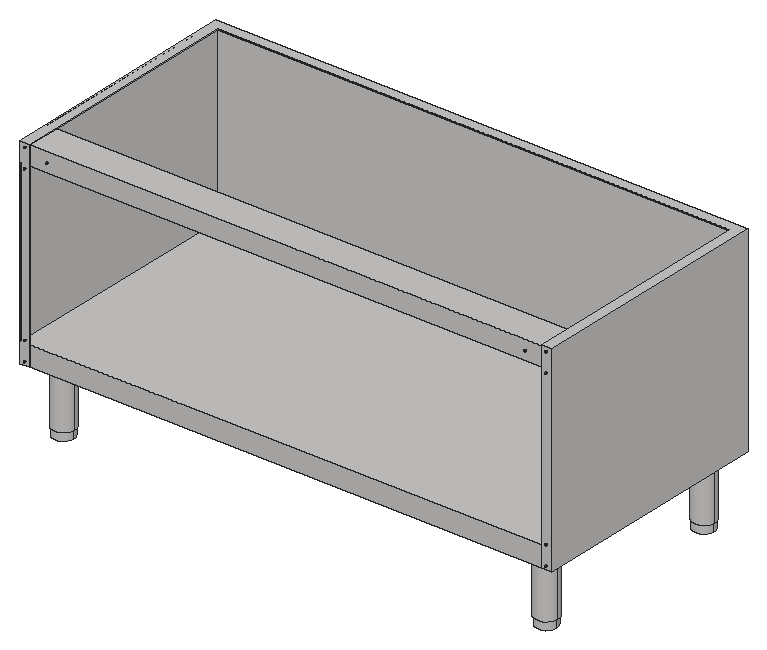
Revit family "QF_ZANUSSI_371114_E7BANL00O0", category Specialty Equipment, Revit 2018
Family settings
  Round Connector Dimension = Use Diameter
  Part Type = Normal
  Work Plane-Based = No
  Always vertical = Yes
  Cut with Voids When Loaded = No
  Shared = No
  Room Calculation Point = No
Parameters
  Width = 1199.00 mm  # constant formula
  Weight in Pounds = 0
  URL Cutsheet = "www.electrolux.com"
  URL = "www.electrolux.com"
  Type Mark [instance] = ""
  Status [instance] = ""
  Specification by User [instance] = ""
  Specification by Manufacturer = ""
  Serial Number = ""
  Seismic Rating = ""
  SMACNA No = ""
  Revision Code [instance] = ""
  Omniclass Number and Title = ""
  NAFEM Spec ID Number = ""
  Model = "371114"
  Masterspec = ""
  Manufacturer = "ELECTROLUX"
  Item Number [instance] = ""
  Installed By [instance] = ""
  Identify Quantity as Lot [instance] = yes
  Height = 599.00 mm  # constant formula
  Furnished By [instance] = ""
  Foodservice Equipment Identifier [instance] = yes
  Direct Waste Size = 0"
  Description = "700XP Open Base Cupboard 1- 1_2 Module"
  Depth = 554.00 mm  # constant formula
  CSI MasterFormat = ""
  CSI Master Format = ""
Reference planes
  plane 1 "BACK": y = 0
  plane 2: z = 0
  plane 3 "LEFT": x = 0
  plane 4 "RIGHT": x = 1199
  plane 5 "FRONT": y = -554
  plane 6 "TOP": z = 599
  plane 7 "Center Y": x = 599.5
  plane 8 "Center X": y = -277
  plane 9 "Base Height": z = 149
Forms (mm)
  Extrusion 1, solid, material "QF_Finishes_Stainless Steel"
    sketch origin (0, 0, 149) x (-1, 0, 0) y (0, -1, 0)
      loop
        line (0, 0) -> (0, 554) -> (-22, 554) -> (-22, 22) -> (-1177, 22) -> (-1177, 554) -> (-1199, 554) -> (-1199, 0) -> (0, 0)
    from 448.412 to 450
  Extrusion 2, solid, material "QF_Finishes_Stainless Steel"
    sketch origin (0, -554, 0) x (1, 0, 0) y (0, 0, 1)
      loop
        line (0, 597.413) -> (0, 149) -> (22, 149) -> (22, 597.413) -> (0, 597.413)
      loop
        line (1199, 149) -> (1199, 597.413) -> (1177, 597.413) -> (1177, 149) -> (1199, 149)
    from 0 to -1.59
  Extrusion 3, solid, material "QF_Finishes_Stainless Steel"
    sketch origin (0, 0, 0) x (0, 1, 0) y (0, 0, 1)
      loop
        line (-552.41, 597.413) -> (-552.41, 149) -> (0, 149) -> (0, 597.413) -> (-552.41, 597.413)
    from 0 to 1.59
  Extrusion 4, solid, material "QF_Finishes_Stainless Steel"
    sketch origin (1199, 0, 0) x (0, 1, 0) y (0, 0, 1)
      loop
        line (-552.41, 597.413) -> (-552.41, 149) -> (0, 149) -> (0, 597.413) -> (-552.41, 597.413)
    from 0 to -1.59
  Extrusion 5, solid, material "QF_Finishes_Stainless Steel"
    sketch origin (0, 0, 0) x (1, 0, 0) y (0, 0, 1)
      loop
        line (0, 597.413) -> (0, 149) -> (1199, 149) -> (1199, 597.413) -> (0, 597.413)
    from 0 to 1.59
  Extrusion 6, solid, material "QF_Finishes_Stainless Steel"
    sketch origin (0, 0, 149) x (-1, 0, 0) y (0, -1, 0)
      loop
        line (-1.59, 1.59) -> (-1.59, 552.41) -> (-1197.41, 552.41) -> (-1197.41, 1.59) -> (-1.59, 1.59)
      loop
        circle (-1152.751, 403.685) r 12.7
    from 0 to 45
  Extrusion 7, solid, material "QF_Finishes_Stainless Steel"
    sketch origin (0, 0, 0) x (0, 1, 0) y (0, 0, 1)
      loop
        line (-552.41, 597.413) -> (-552.41, 554.237) -> (-550.82, 554.237) -> (-550.82, 595.823) -> (-477.41, 595.823) -> (-477.41, 597.413) -> (-552.41, 597.413)
    from 1.59 to 1197.41
  Extrusion 8, solid, material "QF_Finishes_Stainless Steel"
    sketch origin (0, 0, 149) x (-1, 0, 0) y (0, -1, 0)
      loop
        circle (-1152.751, 403.685) r 12.7
    from -1.075 to 43.642
  Extrusion 9, solid, material "QF_Finishes_Black"
    sketch origin (399, -554, 149) x (-1, 0, 0) y (0, 0, -1)
      loop
        circle (387.615, -441.126) r 1.5
      loop
        circle (387.615, -397.951) r 1.5
      loop
        circle (387.615, -51.126) r 1.5
      loop
        circle (387.615, -7.951) r 1.5
      loop
        circle (-788.615, -441.126) r 1.5
      loop
        circle (-788.615, -397.951) r 1.5
      loop
        circle (-788.615, -51.126) r 1.5
      loop
        circle (-788.615, -7.951) r 1.5
    from 0 to 1.59
  Extrusion 10, solid, material "QF_Finishes_Black"
    sketch origin (0, -552.41, 592.413) x (0, 0, 1) y (-1, 0, 0)
      loop
        circle (-17.884, -59.72) r 1.5
      loop
        circle (-17.884, -1139.28) r 1.5
    from 0 to 1.59
  Revolve 11, solid, material "QF_Finishes_Stainless Steel"
    sketch origin (0, -499, 0) x (1, 0, 0) y (0, 0, 1)
      loop
        line (55, 0) -> (55, 149) -> (29.6, 149) -> (29.6, 19.05) -> (32.1, 19.05) -> (32.1, 0) -> (55, 0)
      axis (55, 0) -> (55, 149)
    angle from 0 to 360
  Revolve 12, solid, material "QF_Finishes_Stainless Steel"
    sketch origin (399, -499, 0) x (-1, 0, 0) y (0, 0, -1)
      loop
        line (-745, 0) -> (-767.9, 0) -> (-767.9, -19.05) -> (-770.4, -19.05) -> (-770.4, -149) -> (-745, -149) -> (-745, 0)
      axis (-745, 0) -> (-745, -149)
    angle from 0 to 360
  Revolve 13, solid, material "QF_Finishes_Stainless Steel"
    sketch origin (0, -55, 0) x (1, 0, 0) y (0, 0, -1)
      loop
        line (55, 0) -> (32.1, 0) -> (32.1, -19.05) -> (29.6, -19.05) -> (29.6, -149) -> (55, -149) -> (55, 0)
      axis (55, 0) -> (55, -149)
    angle from 0 to 360
  Revolve 14, solid, material "QF_Finishes_Stainless Steel"
    sketch origin (399, -55, 0) x (-1, 0, 0) y (0, 0, 1)
      loop
        line (-745, 0) -> (-745, 149) -> (-770.4, 149) -> (-770.4, 19.05) -> (-767.9, 19.05) -> (-767.9, 0) -> (-745, 0)
      axis (-745, 0) -> (-745, 149)
    angle from 0 to 360
Cuts and joins
  joined: Extrusion 1, Extrusion 2, Extrusion 3, Extrusion 4, Extrusion 5, Extrusion 6, Extrusion 7, Extrusion 8
Lines and regions (mm)
  symbolic lines, style "QF-Undercounter Details"
    curve 1: line (0, 0, 149) -> (1199, 0, 149)
    curve 2: line (0, -554, 149) -> (0, 0, 149)
    curve 3: line (1199, -554, 149) -> (0, -554, 149)
    curve 4: line (1199, 0, 149) -> (1199, -554, 149)
    curve 5: line (22, -477.41, 149) -> (1177, -477.41, 149)
    curve 6: line (1177, -554, 149) -> (1177, -22, 149)
    curve 7: line (1177, -22, 149) -> (22, -22, 149)
    curve 8: line (22, -22, 149) -> (22, -554, 149)
    curve 9: line (22, -22, 149) -> (0, 0, 149)
    curve 10: line (1177, -22, 149) -> (1199, 0, 149)
    curve 11: arc (1140.051, -403.685, 149) -> (1152.751, -390.985, 149) -> (1165.451, -403.685, 149) r 12.7
    curve 12: arc (1165.451, -403.685, 149) -> (1152.751, -416.385, 149) -> (1140.051, -403.685, 149) r 12.7
Dimensions and locks
  equal spacing: plane 3 "LEFT", plane 7 "Center Y", plane 4 "RIGHT"
  "Width": plane 3 "LEFT" to plane 4 "RIGHT"
  equal spacing: plane 5 "FRONT", plane 8 "Center X", plane 1 "BACK"
  "Depth": plane 5 "FRONT" to plane 1 "BACK"
  "Height": plane 6 "TOP" to level
  locked: plane 9 "Base Height" to level at 149
  aligned and locked: level to plane 2
  aligned and locked: Revolve 11 to plane 9 "Base Height"
  aligned and locked: plane 9 "Base Height" to Revolve 12
Automatic sketch dimensions
  plane 1 "BACK" to Extrusion 1 sketch curve = 0.00 mm
  Extrusion 1 sketch curve to plane 4 "RIGHT" = 0.00 mm
  plane 5 "FRONT" to Extrusion 1 sketch curve = 0.00 mm  (x2)
  Extrusion 1 sketch curve to plane 3 "LEFT" = 0.00 mm
  Extrusion 1 sketch curve to Extrusion 1 sketch curve = 22.00 mm
  plane 3 "LEFT" to Extrusion 1 sketch curve = 22.00 mm
  plane 1 "BACK" to Extrusion 1 sketch curve = 22.00 mm
  Extrusion 2 sketch curve to plane 3 "LEFT" = 0.00 mm
  Extrusion 2 sketch curve to plane 9 "Base Height" = 0.00 mm  (x2)
  Extrusion 2 sketch curve to plane 4 "RIGHT" = 0.00 mm
  plane 3 "LEFT" to Extrusion 2 sketch curve = 22.00 mm
  Extrusion 2 sketch curve to plane 4 "RIGHT" = 22.00 mm
  Extrusion 2 sketch curve to plane 6 "TOP" = 1.587 mm  (x2)
  Extrusion 3 sketch curve to plane 9 "Base Height" = 0.00 mm
  Extrusion 3 sketch curve to plane 1 "BACK" = 0.00 mm
  Extrusion 3 sketch curve to plane 5 "FRONT" = 1.59 mm
  Extrusion 3 sketch curve to plane 6 "TOP" = 1.587 mm
  Extrusion 4 sketch curve to plane 9 "Base Height" = 0.00 mm
  Extrusion 4 sketch curve to plane 1 "BACK" = 0.00 mm
  Extrusion 4 sketch curve to plane 5 "FRONT" = 1.59 mm
  Extrusion 4 sketch curve to plane 6 "TOP" = 1.587 mm
  Extrusion 5 sketch curve to plane 3 "LEFT" = 0.00 mm
  Extrusion 5 sketch curve to plane 4 "RIGHT" = 0.00 mm
  Extrusion 5 sketch curve to plane 9 "Base Height" = 0.00 mm
  Extrusion 5 sketch curve to plane 6 "TOP" = 1.587 mm
  Extrusion 6 sketch curve to Extrusion 6 sketch curve = 0.00 mm  (x2)
  Extrusion 6 sketch curve to plane 4 "RIGHT" = 1.59 mm
  Extrusion 6 sketch curve to plane 4 "RIGHT" = 33.549 mm
  Extrusion 6 sketch curve to Extrusion 6 sketch curve = 12.70 mm
  plane 3 "LEFT" to Extrusion 6 sketch curve = 1.59 mm
  plane 1 "BACK" to Extrusion 6 sketch curve = 1.59 mm
  Extrusion 6 sketch curve to plane 8 "Center X" = 126.685 mm
  Extrusion 6 sketch curve to plane 5 "FRONT" = 1.59 mm
  Extrusion 7 sketch curve to plane 5 "FRONT" = 1.59 mm
  Extrusion 7 sketch curve to Extrusion 7 sketch curve = 1.59 mm
  Extrusion 7 sketch curve to plane 6 "TOP" = 3.178 mm
  Extrusion 7 sketch curve to Extrusion 7 sketch curve = 73.41 mm
  Extrusion 7 sketch curve to Extrusion 7 sketch curve = 41.585 mm
  Extrusion 7 sketch curve to plane 6 "TOP" = 1.588 mm
  Extrusion 8 sketch curve to plane 4 "RIGHT" = 46.249 mm
  Extrusion 8 sketch curve to plane 8 "Center X" = 126.685 mm
  Extrusion 10 sketch curve to Extrusion 7 = 20.291 mm  (x2)
  Extrusion 7 to Extrusion 10 sketch curve = 58.13 mm  (x2)
  curve 11 to curve 12 = 0.00 mm  (x2)
  curve 4 to plane 4 "RIGHT" = 0.00 mm
  plane 5 "FRONT" to curve 6 = 0.00 mm
  curve 3 to plane 3 "LEFT" = 0.00 mm
  plane 1 "BACK" to curve 1 = 0.00 mm
  curve 7 to plane 4 "RIGHT" = 22.00 mm
  curve 12 to plane 4 "RIGHT" = 33.549 mm
  curve 11 to curve 12 = 12.70 mm
  plane 3 "LEFT" to curve 9 = 22.00 mm
  plane 1 "BACK" to curve 10 = 22.00 mm
  curve 12 to plane 8 "Center X" = 126.685 mm
  curve 5 to plane 5 "FRONT" = 76.59 mm
  Revolve 11 sketch curve to plane 9 "Base Height" = 0.00 mm
  Revolve 11 sketch curve to level = 0.00 mm
  plane 3 "LEFT" to Revolve 11 sketch curve = 29.60 mm
  Revolve 11 sketch curve to Revolve 11 sketch curve = 2.50 mm
  Revolve 11 sketch curve to Revolve 11 sketch curve = 25.40 mm
  Revolve 11 sketch curve to Revolve 11 sketch curve = 0.00 mm
  level to Revolve 11 sketch curve = 19.05 mm
  plane 9 "Base Height" to Revolve 11 sketch curve = 1.00 mm
  Revolve 11 sketch curve to Revolve 11 sketch curve = 20.00 mm
  Revolve 12 sketch curve to plane 9 "Base Height" = 0.00 mm
  Revolve 12 sketch curve to level = 0.00 mm
  Revolve 12 sketch curve to plane 4 "RIGHT" = 29.60 mm
  Revolve 12 sketch curve to Revolve 12 sketch curve = 2.50 mm
  Revolve 12 sketch curve to Revolve 12 sketch curve = 25.40 mm
  Revolve 12 sketch curve to Revolve 12 sketch curve = 0.00 mm
  Revolve 12 sketch curve to Revolve 12 sketch curve = 1.00 mm
  Revolve 12 sketch curve to Revolve 12 sketch curve = 20.00 mm
  level to Revolve 12 sketch curve = 19.05 mm
  Revolve 13 sketch curve to plane 9 "Base Height" = 0.00 mm
  Revolve 13 sketch curve to level = 0.00 mm
  plane 3 "LEFT" to Revolve 13 sketch curve = 29.60 mm
  Revolve 13 sketch curve to Revolve 13 sketch curve = 2.50 mm
  Revolve 13 sketch curve to Revolve 13 sketch curve = 25.40 mm
  Revolve 13 sketch curve to Revolve 13 sketch curve = 0.00 mm
  plane 9 "Base Height" to Revolve 13 sketch curve = 1.00 mm
  Revolve 13 sketch curve to Revolve 13 sketch curve = 20.00 mm
  level to Revolve 13 sketch curve = 19.05 mm
  Revolve 14 sketch curve to plane 9 "Base Height" = 0.00 mm
  Revolve 14 sketch curve to level = 0.00 mm
  Revolve 14 sketch curve to plane 4 "RIGHT" = 29.60 mm
  Revolve 14 sketch curve to Revolve 14 sketch curve = 2.50 mm
  Revolve 14 sketch curve to Revolve 14 sketch curve = 25.40 mm
  Revolve 14 sketch curve to Revolve 14 sketch curve = 0.00 mm
  level to Revolve 14 sketch curve = 19.05 mm
  Revolve 14 sketch curve to Revolve 14 sketch curve = 1.00 mm
  Revolve 14 sketch curve to Revolve 14 sketch curve = 20.00 mm
  Extrusion 9 sketch curve to Extrusion 1 = 397.286 mm
  Extrusion 1 to Extrusion 9 sketch curve = 1165.615 mm
  Extrusion 9 sketch curve to Extrusion 1 = 50.462 mm
  Extrusion 9 sketch curve to Extrusion 9 sketch curve = 0.00 mm  (x3)
  Extrusion 9 sketch curve to Extrusion 1 = 7.286 mm  (x2)
  Extrusion 9 sketch curve to Extrusion 1 = 10.615 mm  (x4)
  Extrusion 9 sketch curve to Extrusion 9 sketch curve = 43.175 mm  (x3)
  Extrusion 9 sketch curve to Extrusion 9 sketch curve = 346.825 mm
  radius of Extrusion 8 sketch curve = 12.70 mm
  radius of Extrusion 10 sketch curve = 1.50 mm  (x2)
  radius of Extrusion 9 sketch curve = 1.50 mm  (x8)
